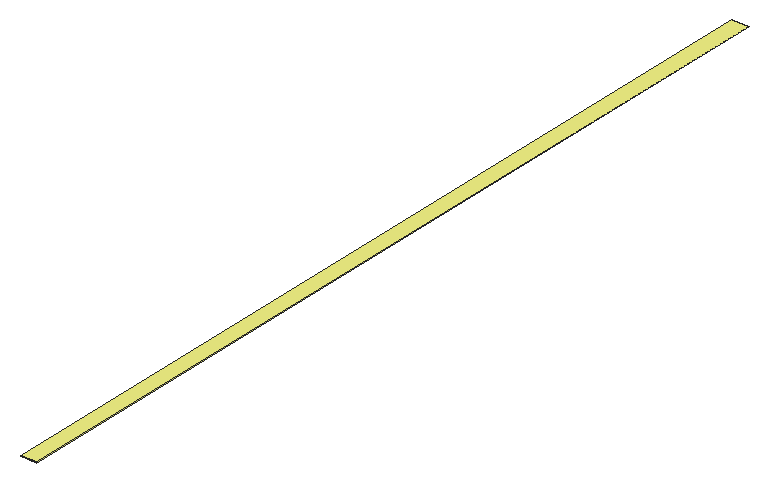
Revit family "916d74e163f6492d996b38282e2bdb4d", category Parking, Revit 2021
Family settings
  Seek Item ID = Parking Space-0000-USA-ENU
  Work Plane-Based = No
  Always vertical = No
  Cut with Voids When Loaded = No
  Shared = No
Parameters (values of type "9' x 18' - 90 deg")
  Angle = 90.00°
  Parking Length = 18' - 0"
  Parking Width = 9' - 0"
  pl = Parking Length * (sin(Angle))  # 18' - 0"
  pw = Parking Width / (sin(Angle))  # 9' - 0"
Types (5): name | Angle | pl | pw
  (no name) | 90.00° | 18' - 0" | 9' - 0"
  9' x 18' - 90 deg | 90.00° | 18' - 0" | 9' - 0"
  9' x 18' - 60 deg | 60.00° | 15' - 7.06149" | 10' - 4.70766"
  9' x 18' - 80 deg | 80.00° | 17' - 8.71847" | 9' - 1.66607"
  9' x 18' - 70 deg | 70.00° | 16' - 10.97361" | 9' - 6.9312"
Reference planes (in)
  plane 1 "Center (Front/Back)": y = 0
  plane 2: z = 0
  plane 3 "Center (Left/Right)": x = 0
  plane 4: y = -12
Forms (in)
  Sweep 1, solid, material "Parking Stripe"
    path in 3D
      loop
        line (0, 0, 0) -> (0, -216, 0)
    profile origin (0, -108, 0) x (1, 0, 0) y (0, 0, 1)
      loop
        line (-2, 0) -> (2, 0) -> (2, 0.125) -> (-2, 0.125) -> (-2, 0)
Lines and regions (in)
  model lines, style "Reference Line"
    curve 1: line (108, 0, 0) -> (108, -216, 0)
  model lines, style "Parking Layout"
    curve 2: line (108, 0, 0) -> (0, 0, 0)
    curve 3: line (0, 0, 0) -> (0, -216, 0)
  sketch lines
    curve 4: line (0, 0, 0) -> (0, -216, 0)
Dimensions and locks (in)
  "pw": curve 3 to curve 2
  "pl": curve 2 to curve 1
  "Angle": angle curve 3 to plane 4
  "Angle": angle curve 1 to plane 4
  aligned and locked: plane 1 "Center (Front/Back)" to curve 1
  aligned and locked: plane 3 "Center (Left/Right)" to curve 2
Automatic sketch dimensions
  profile plane to Sweep 1 sketch curve = 0' - 2"
  Sweep 1 sketch curve to profile plane = 0' - 2"
  Sweep 1 sketch curve to Sweep 1 sketch curve = 0' - 0 1/8"
